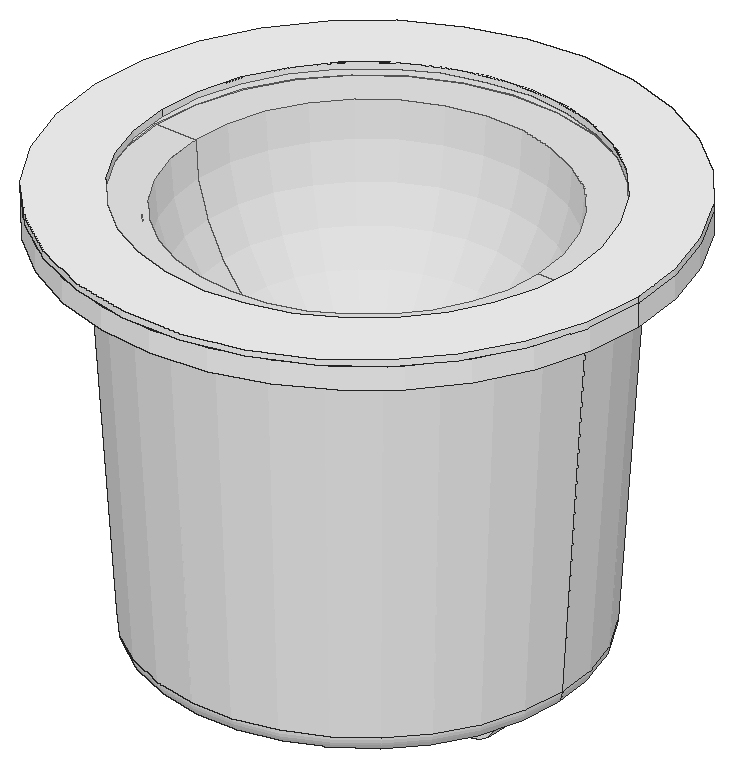
Revit family "2058914", category Lighting Fixtures, host Face, Revit 2018
Family settings
  Host = Face
  Round Connector Dimension = Use Diameter
  Part Type = Normal
  OmniClass Number = 23.80.70.11.17
  OmniClass Title = Specialized Lighting by Location or Use
  Cut with Voids When Loaded = No
  Light Source = Yes
  Shared = No
  Room Calculation Point = No
Parameters (values of type "2058914 MYRIAD DECO IP65 SP 4K PHD EM SI CBEZ")
  Weight = "n/a"
  Wattage = 15 W
  WarrantyStartDate [instance] = "n/a"
  WarrantyGuarantorParts = "n/a"
  WarrantyDurationUnit = "n/a"
  WarrantyDurationParts = ""
  WarrantyDescription = "http://www.sylvania-lighting.com"
  built-in parameter 1150110 = 1 (stored number, unit not read)
  Voltage = 230 V
  URL = "0"
  TypeName = "MYRIAD DECO IP65 SPOT 4000K PHDM EM SILVER CBEZ"
  Type Image = 0
  Type Comments = ""
  built-in parameter 1114217 = 1 (stored number, unit not read)
  Tilt Angle = -90°
  built-in parameter 1150109 = 1 (stored number, unit not read)
  built-in parameter 1150134 = (empty or 0)
  built-in parameter 1150113 = 1 (stored number, unit not read)
  SerialNumber [instance] = "n/a"
  Reflector Radius = Cutout Diameter / 2 - 2.5 mm  # 35.0 mm
  Reflector Material = Aluminum_Sylvania_Myriad_Bright
  Recessed Depth = Height  # 72.0 mm
  PowerFactor = 0
  PowerConsumption = "Lighting"
  Photometric Web File = "2058914.ies"
  NominalWidth = 0.0 mm
  NominalLength = 76.0 mm
  NominalHeight = 72.0 mm
  Name = "MYRIAD DECO IP65 SPOT 4000K PHDM EM SILVER CBEZ"
  ModelReference = "MYRIAD DECO IP65 SPOT 4000K PHDM EM SILVER CBEZ"
  ModelNumber = "2058914"
  Material = "Feilo Sylvania"
  ManufacturerName = "94 lm/W"
  LuminousEfficacy = ""
  LuminaireType = "0"
  LightOutputRatio = "LED"
  LampsType = Lamp  # "n/a"
  LampNominalLuminous = "4000 K"
  LampMacAdamStep = "90"
  LampColourTemperature = "LED"
  LampColourRenderingIndex = "16500"
  Keynote = "n/a"
  Keynote_2 = "16500"
  InstallationDate [instance] = "n/a"
  InputVoltage = "0"
  InputNominalFrequency = "4000"
  IngressProtection = "IfcLightFixtureType"
  ImpactProtectionIndex = "IfcLightFixtureType"
  IfcExportType = "IfcLightFixtureType"
  IfcExportAs = "Class II"
  Height = 72.0 mm  # constant formula
  ExpectedLife = 50000
  Emit from Circle Diameter = Accessory Inner Diameter 2  # 68.0 mm
  Emit Shape Visible in Rendering = no
  ElectricShockClassification = "94"
  DurationUnit = "hours"
  DocumentationLiterature = "http://www.sylvania-lighting.com/product/en-int/products/2058914"
  DimmingControlOptions = "n/a"
  Diffuser Material = Glass_Sylvania_Myriad_Clear_4000K
  Diffuser Diameter = Cutout Diameter  # 75.0 mm
  Cutout Diameter = 75.0 mm  # constant formula
  CreatedOn = "03/02/2022"
  CreatedBy = "@sylvania-lighting.com"
  Cost = 0
  built-in parameter 1114216 [instance] = 1 (stored number, unit not read)
  Model = "MYRIAD DECO IP65 SPOT 4000K PHDM EM SILVER CBEZ"
  Manufacturer = "Feilo Sylvania"  # constant formula
  built-in parameter 1150105 = 83.556 (stored number, unit not read)
  Lumens = 1050 lm
  built-in parameter 1150115 = 1 (stored number, unit not read)
  built-in parameter 1150137 = (empty or 0)
  built-in parameter 1150139 = (empty or 0)
  built-in parameter 1150112 = 1 (stored number, unit not read)
  built-in parameter 1150114 = 1 (stored number, unit not read)
  Lamp = "n/a"
  built-in parameter 1150132 = (empty or 0)
  built-in parameter 1150102 = (empty or 0)
  built-in parameter 1150107 = 2700 (stored number, unit not read)
  built-in parameter 1150138 = (empty or 0)
  built-in parameter 1150106 = 0.83556 (stored number, unit not read)
  built-in parameter 1150104 = 6.5032 (stored number, unit not read)
  Dimming Lamp Color Temperature Shift = <None>
  Description = "Supplied complete with electronic control gear Compact Fluorescent low energy downlight Emergency version passes through the cut out Ideal for low level orientation lighting New range of Architectural accessories each providing a different lit dimension New completely flush plaster up accessory ring for clean ceiling lines and smooth finish Order lamp separately"  # constant formula
  Default Elevation = 0.0 mm
  Color Filter = 16777215
  built-in parameter 1140040 [instance] = 1
  Body Radius = Reflector Radius + 1.5 mm  # 36.5 mm
  Body Material = Aluminum_Sylvania_Myriad_Gray
  BarCode [instance] = "n/a"
  built-in parameter 1114218 = 1 (stored number, unit not read)
  built-in parameter 1150133 = 10 (stored number, unit not read)
  AssetType = "Fixed"
  AssetIdentifier [instance] = "n/a"
  Assembly Code = "D5020200"
  Apparent Load = 12 VA
  Accessory Material = Aluminum_Sylvania_Myriad_White
  Accessory Inner Diameter 2 = Accessory Diameter - 22.0 mm  # 68.0 mm
  Accessory Inner Diameter 1 = Accessory Diameter - 2.0 mm  # 88.0 mm
  Accessory Diameter = Cutout Diameter + 15.0 mm  # 90.0 mm
Reference planes
  plane 1 "Center (Front/Back)": y = 0
  plane 2: z = 0
  plane 3 "Center (Left/Right)": x = 0
  plane 4: z = 2
  plane 5 "Fixture Bottom": z = 4.5
  plane 6: z = -28.5
  plane 7: z = -61.5
  plane 8 "Fixture Top": z = -67.5
  plane 9: z = 3.5
Forms (mm)
  Revolve 1, solid, material "Aluminum_Sylvania_Myriad_Bright" <- "Reflector Material", detail levels fine
    sketch origin (0, 0, 0) x (1, 0, 0) y (0, 0, 1)
      loop
        line (0, -27.515) -> (-6, -27.515)
        arc (-6, -27.515) -> (-22.333, -16.632) -> (-28.5, 2) r 30.135
        line (-28.5, 2) -> (-35, 2) -> (-35, 0) -> (-29.184, 0)
        arc (-29.184, 0) -> (-22.423, -18.18) -> (-6, -28.5) r 30.204
        line (-6, -28.5) -> (0, -28.5) -> (0, -27.515)
      axis (0, -28.5) -> (0, 2)
    angle from 0 to 360
  Revolve 2, solid, material "Aluminum_Sylvania_Myriad_Gray" <- "Body Material", detail levels fine
    sketch origin (0, 0, 0) x (1, 0, 0) y (0, 0, 1)
      loop
        line (-44, 2) -> (-44, 0) -> (-36.5, 0) -> (-32.42, -58.708)
        arc (-32.42, -58.708) -> (-31.474, -60.694) -> (-29.428, -61.5) r 3
        line (-29.428, -61.5) -> (0, -61.5) -> (0, -28.5) -> (-6, -28.5)
        arc (-6, -28.5) -> (-22.423, -18.18) -> (-29.184, 0) r 30.204
        line (-29.184, 0) -> (-35, 0) -> (-35, 2) -> (-44, 2)
      axis (0, 2) -> (0, -61.5)
    angle from 0 to 360
  Extrusion 3, solid, material "Aluminum_Sylvania_Myriad_Gray" <- "Body Material", detail levels fine
    sketch origin (0, 0, 0) x (1, 0, 0) y (0, 0, 1)
      loop
        line (-13.5, -67.5) -> (21, -67.5)
        arc (21, -67.5) -> (23.828, -66.328) -> (25, -63.5) r 4
        line (25, -63.5) -> (25, -61.5) -> (-17.5, -61.5) -> (-17.5, -63.5)
        arc (-17.5, -63.5) -> (-16.328, -66.328) -> (-13.5, -67.5) r 4
    from -4.5 to 4.5
  Extrusion 4, solid, material "Aluminum_Sylvania_Myriad_White" <- "Accessory Material", detail levels fine
    sketch origin (0, 0, 0) x (1, 0, 0) y (0, 1, 0)
      loop
        circle (0, 0) r 45
      loop
        circle (0, 0) r 44
    from 0 to 3.5
  Extrusion 5, solid, material "Aluminum_Sylvania_Myriad_White" <- "Accessory Material", detail levels fine
    sketch origin (0, 0, 0) x (1, 0, 0) y (0, 1, 0)
      loop
        circle (0, 0) r 45
      loop
        circle (0, 0) r 34
    from 3.5 to 4.5
  Extrusion 6, solid, material "Aluminum_Sylvania_Myriad_White" <- "Accessory Material", detail levels coarse+medium
    sketch origin (0, 0, 0) x (1, 0, 0) y (0, 1, 0)
      loop
        circle (0, 0) r 45
    from 0 to 4.5
  Revolve 7, solid, detail levels coarse+medium
    sketch origin (0, 0, 0) x (1, 0, 0) y (0, 0, 1)
      loop
        line (36.5, 0) -> (0, 0) -> (0, -61.5) -> (32.226, -61.5) -> (36.5, 0)
      axis (0, 0) -> (0, -61.5)
    angle from 0 to 360
  Extrusion 8, void
    sketch origin (0, 0, 0) x (1, 0, 0) y (0, 1, 0)
      loop
        circle (0, 0) r 37.5
    from -67.5 to 0
  Extrusion 9, solid, material "Glass_Sylvania_Myriad_Clear_4000K" <- "Diffuser Material", detail levels fine
    sketch origin (0, 0, 0) x (1, 0, 0) y (0, 1, 0)
      loop
        circle (0, 0) r 37.5
    from 2 to 3.5
Cuts and joins
  joined: Extrusion 4, Extrusion 5
Lines and regions (mm)
  Masking region 1
    outline origin (0, 0, 0) x (1, 0, 0) y (0, 1, 0)
      loop
        circle (0, 0) r 45
  symbolic lines
    curve 1: arc (-34, 0, 0) -> (0, 34, 0) -> (34, 0, 0) r 34
    curve 2: arc (34, 0, 0) -> (0, -34, 0) -> (-34, 0, 0) r 34
Dimensions and locks
  locked: plane 7 to plane 8 "Fixture Top" at 6
  "Body Radius": Revolve 7 sketch curve to plane 3 "Center (Left/Right)"
  locked: Revolve 7 sketch curve to Revolve 7 sketch curve at 4.274
  plane 5 "Fixture Bottom" to plane 9 to plane 4 to plane 2 to plane 6 = 1.0 mm locked, 1.5 mm locked, 2.0 mm locked, 28.5 mm locked
  "Reflector Radius": Revolve 1 sketch curve to plane 3 "Center (Left/Right)"
  Revolve 1 sketch curve to Revolve 1 sketch curve to Revolve 1 sketch curve to Revolve 1 sketch curve = 6.5 mm locked, 22.5 mm locked, 0.0 mm locked
  "Reflector Radius": plane 3 "Center (Left/Right)" to Revolve 2 sketch curve
  Revolve 2 sketch curve to Revolve 2 sketch curve to Revolve 2 sketch curve = 7.5 mm locked, 1.5 mm locked
  Revolve 2 sketch curve to Revolve 2 sketch curve to Revolve 2 sketch curve = 5.816 mm locked, 23.184 mm locked
  Revolve 2 sketch curve to Revolve 2 sketch curve to Revolve 2 sketch curve = 2.58 mm locked, 2.993 mm locked
  "Accessory Diameter": diameter of Extrusion 4 sketch curve
  "Accessory Inner Diameter 1": diameter of Extrusion 4 sketch curve
  "Accessory Diameter": diameter of Extrusion 5 sketch curve
  "Accessory Diameter": diameter of Extrusion 6 sketch curve
  "Cutout Diameter": diameter of Extrusion 8 sketch curve
  "Accessory Inner Diameter 2": diameter of Extrusion 5 sketch curve
  "Diffuser Diameter": diameter of Extrusion 9 sketch curve
  aligned and locked: plane 2 to host face
  aligned and locked: level to host face
  aligned and locked: plane 1 "Center (Front/Back)" to imposter light
  aligned and locked: plane 3 "Center (Left/Right)" to imposter light
  aligned and locked: Revolve 1 sketch curve to imposter light
  aligned and locked: Extrusion 3 sketch curve to plane 8 "Fixture Top"
  aligned and locked: plane 7 to Extrusion 3 sketch curve
  aligned and locked: Extrusion 4 to plane 2
  aligned and locked: plane 9 to Extrusion 4
  aligned and locked: Extrusion 5 to plane 9
  aligned and locked: plane 5 "Fixture Bottom" to Extrusion 5
  aligned and locked: Extrusion 6 to plane 2
  aligned and locked: plane 5 "Fixture Bottom" to Extrusion 6
  aligned and locked: Extrusion 8 to plane 8 "Fixture Top"
  aligned and locked: plane 2 to Extrusion 8
  aligned and locked: Masking region 1 sketch curve to Extrusion 6  (x2)
  aligned and locked: Extrusion 9 to plane 4
  aligned and locked: plane 9 to Extrusion 9
  aligned and locked: plane 4 to Revolve 2 sketch curve
  aligned and locked: Revolve 2 sketch curve to plane 2
  aligned and locked: curve 1 to cut or joined group of Extrusion 4, Extrusion 5
  aligned and locked: curve 2 to cut or joined group of Extrusion 4, Extrusion 5
  aligned and locked: imposter light to plane 5 "Fixture Bottom"
Automatic sketch dimensions
  host sketch curve to host sketch curve = 1305.563 mm
  host sketch curve to host sketch curve = 1283.632 mm
  Extrusion 3 sketch curve to plane 7 = 2.0 mm
  Extrusion 3 sketch curve to plane 3 "Center (Left/Right)" = 13.5 mm
  plane 3 "Center (Left/Right)" to Extrusion 3 sketch curve = 21.0 mm
  Extrusion 3 sketch curve to Extrusion 3 sketch curve = 4.0 mm
  Revolve 1 sketch curve to level = 0.0 mm
  Revolve 1 sketch curve to plane 3 "Center (Left/Right)" = 0.0 mm
  Revolve 1 sketch curve to plane 6 = 0.0 mm
  Revolve 1 sketch curve to plane 4 = 0.0 mm
  Revolve 1 sketch curve to Revolve 1 sketch curve = 0.684 mm
  level to Revolve 1 sketch curve = 0.88 mm
  Revolve 1 sketch curve to plane 4 = 0.363 mm
  Revolve 1 sketch curve to Revolve 1 sketch curve = 0.625 mm
  Revolve 1 sketch curve to plane 8 "Fixture Top" = 232.8 mm
  plane 5 "Fixture Bottom" to Revolve 1 sketch curve = 291.243 mm
  Revolve 2 sketch curve to plane 3 "Center (Left/Right)" = 0.0 mm  (x2)
  Revolve 2 sketch curve to plane 7 = 0.0 mm
  Revolve 2 sketch curve to plane 6 = 0.0 mm
  Revolve 2 sketch curve to level = 0.0 mm
  level to Revolve 2 sketch curve = 0.88 mm
  plane 7 to Revolve 2 sketch curve = 2.792 mm
  Revolve 2 sketch curve to plane 8 "Fixture Top" = 304.774 mm
  plane 5 "Fixture Bottom" to Revolve 2 sketch curve = 1137.105 mm
  Extrusion 4 sketch curve to Extrusion 4 sketch curve = 0.0 mm  (x2)
  plane 1 "Center (Front/Back)" to Extrusion 4 sketch curve = 0.0 mm
  Extrusion 4 sketch curve to plane 3 "Center (Left/Right)" = 0.0 mm
  Extrusion 5 sketch curve to Extrusion 5 sketch curve = 0.0 mm  (x2)
  plane 1 "Center (Front/Back)" to Extrusion 5 sketch curve = 0.0 mm
  Extrusion 5 sketch curve to plane 3 "Center (Left/Right)" = 0.0 mm
  plane 1 "Center (Front/Back)" to Extrusion 6 sketch curve = 0.0 mm
  Extrusion 6 sketch curve to plane 3 "Center (Left/Right)" = 0.0 mm
  Revolve 7 sketch curve to level = 0.0 mm
  Revolve 7 sketch curve to plane 3 "Center (Left/Right)" = 0.0 mm  (x2)
  Revolve 7 sketch curve to plane 7 = 0.0 mm
  Revolve 7 sketch curve to plane 8 "Fixture Top" = 304.774 mm
  plane 5 "Fixture Bottom" to Revolve 7 sketch curve = 43.226 mm
  plane 1 "Center (Front/Back)" to Extrusion 8 sketch curve = 0.0 mm
  Extrusion 8 sketch curve to plane 3 "Center (Left/Right)" = 0.0 mm
  plane 1 "Center (Front/Back)" to Extrusion 9 sketch curve = 0.0 mm
  Extrusion 9 sketch curve to plane 3 "Center (Left/Right)" = 0.0 mm
Connectors
  electrical at (-0.006, -0.019, -67.5), driven by "Apparent Load", driven by "Apparent Load"
    settings: on plane 8 "Fixture Top", index 1, voltage 230 V, apparent load 12 VA, apparent load phase1 12 VA, apparent load phase2 0 VA, apparent load phase3 0 VA, power factor 1, load classification "Lighting", number of poles 1, system type 30, power factor state 1, is connector primary yes, connector utility no, sub classification motor no, connector description ""
